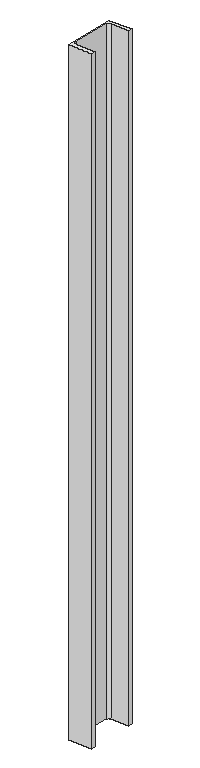
Revit family "GFP-Guia da flange paralela-Coluna", category Pilares estruturais, Revit 2019
Family settings
  Forma do corte = Não definido
  Material para o comportamento do modelo = Aço
  Exportar sempre como geometria = Não
  Redução da viga na planta = Da caixa de vinculação
  Número OmniClass = 23.25.30.11.14.11
  Título OmniClass = Columns
  ID de item do Seek = PFC-Parallel Flange Channel-Column-0000-CAN-ENU
  Corte com vazios quando carregada = Não
  Representação simbólica = Das configurações de projeto
  Compartilhado = Não
  Exibir o pré-corte da família na vista da planta = Sim
Parameters (values of type "200x90x30PFC")
  Zx = 252
  W = 0
  Structural Material [instance] = Aço, 45-345
  Ix = 2523
  Cy = 31.2 mm
  Assembly Code = ""
  M = 30
  b = 90 mm
  h = 200 mm
  r = 12 mm
  t = 14 mm
  s = 7 mm
  A = 4000.00 mm²
Reference planes
  plane 1 "Centro (Frente/Trás)": y = 0
  plane 2: z = 0
  plane 3 "Centro (Esquerda/Direita)": x = 0
  plane 4 "Direita": x = 58.8
  plane 5 "Parte posterior": y = 100
  plane 6 "Parte frontal": y = -100
  plane 7 "Esquerda": x = -31.2
Forms (mm)
  Sweep 1, solid, material "Aço, 45-345" <- "Structural Material", detail levels fine
    path origin (0, 0, 0) x (1, 0, 0) y (0, 0, 1)
      loop
        line (0, 2500) -> (0, 0)
    profile "M_Guia paralela-Perfil-Alto : M_Guia paralela-Perfil-Alto" origin (0, 0, 1250) x (1, 0, 0) y (0, -1, 0)
      loop
        line (-31.2, -100) -> (58.8, -100) -> (58.8, -86) -> (-12.2, -86)
        arc (-12.2, -86) -> (-20.685, -82.485) -> (-24.2, -74) r 12
        line (-24.2, -74) -> (-24.2, 74)
        arc (-24.2, 74) -> (-20.685, 82.485) -> (-12.2, 86) r 12
        line (-12.2, 86) -> (58.8, 86) -> (58.8, 100) -> (-31.2, 100) -> (-31.2, -100)
  Sweep 2, solid, material "Aço, 45-345" <- "Structural Material", detail levels medium
    path origin (0, 0, 0) x (1, 0, 0) y (0, 0, 1)
      loop
        line (0, 2500) -> (0, 0)
    profile "M_Guia paralela-Perfil-Médio : M_Guia paralela-Perfil-Médio" origin (0, 0, 1250) x (1, 0, 0) y (0, -1, 0)
      loop
        line (-31.2, -100) -> (58.8, -100) -> (58.8, -86) -> (-24.2, -86) -> (-24.2, 86) -> (58.8, 86) -> (58.8, 100) -> (-31.2, 100) -> (-31.2, -100)
Lines and regions (mm)
  symbolic lines, style "Faces ocultas", detail levels medium+fine
    curve 1: line (-24.2, 0, 2500) -> (-24.2, 0, 0)
  symbolic lines, style "StructuralColumnStickSymbols", detail levels coarse
    curve 2: line (-31.2, 100, 0) -> (-31.2, -100, 0)
    curve 3: line (-31.2, 100, 0) -> (58.8, 100, 0)
    curve 4: line (-31.2, -100, 0) -> (58.8, -100, 0)
Dimensions and locks
  equal spacing: plane 6 "Parte frontal", plane 1 "Centro (Frente/Trás)", plane 5 "Parte posterior"
  "h": plane 6 "Parte frontal" to plane 5 "Parte posterior"
  "Cy": plane 7 "Esquerda" to plane 3 "Centro (Esquerda/Direita)"
  "b": plane 7 "Esquerda" to plane 4 "Direita"
  aligned and locked: level to plane 2
  aligned and locked: Sweep 2 sketch curve to plane 3 "Centro (Esquerda/Direita)"
  aligned and locked: level to Sweep 2 sketch curve  (x2)
  aligned and locked: Sweep 1 sketch curve to plane 3 "Centro (Esquerda/Direita)"
  aligned and locked: level to Sweep 1 sketch curve  (x2)
  aligned and locked: plane 4 "Direita" to curve 3
  aligned and locked: plane 4 "Direita" to curve 4
  aligned and locked: plane 5 "Parte posterior" to curve 3
  aligned and locked: plane 6 "Parte frontal" to curve 4
  aligned and locked: curve 2 to plane 7 "Esquerda"
  aligned and locked: curve 1 to Sweep 2
  aligned and locked: level to curve 1  (x2)
Types in the file's own list only (15): name | Zx | Ix | Cy | M | b | h | r | t | s | A
  430x100x64PFC | 1020 | 21940 | 26 mm | 64 | 100 mm | 430 mm | 15 mm | 19 mm | 11 mm | 8210.00 mm²
  380x100x54PFC | 791 | 15030 | 28 mm | 54 | 100 mm | 380 mm | 15 mm | 18 mm | 10 mm | 6870.00 mm²
  300x100x46PFC | 549 | 8229 | 31 mm | 46 | 100 mm | 300 mm | 15 mm | 17 mm | 9 mm | 5800.00 mm²
  300x90x41PFC | 481 | 7218 | 26 mm | 41 | 90 mm | 300 mm | 12 mm | 16 mm | 9 mm | 5270.00 mm²
  260x90x35PFC | 364 | 4728 | 27 mm | 35 | 90 mm | 260 mm | 12 mm | 14 mm | 8 mm | 4440.00 mm²
  260x75x28PFC | 278 | 3619 | 21 mm | 28 | 75 mm | 260 mm | 12 mm | 12 mm | 7 mm | 3510.00 mm²
  230x90x32PFC | 306 | 3518 | 29 mm | 32 | 90 mm | 230 mm | 12 mm | 14 mm | 8 mm | 4100.00 mm²
  230x75x26PFC | 239 | 2748 | 23 mm | 26 | 75 mm | 230 mm | 12 mm | 13 mm | 7 mm | 3270.00 mm²
  200x75x23PFC | 196 | 1963 | 25 mm | 23 | 75 mm | 200 mm | 12 mm | 13 mm | 6 mm | 2990.00 mm²
  180x90x26PFC | 202 | 1817 | 32 mm | 26 | 90 mm | 180 mm | 12 mm | 13 mm | 7 mm | 3320.00 mm²
  180x75x20PFC | 152 | 1370 | 24 mm | 20 | 75 mm | 180 mm | 12 mm | 11 mm | 6 mm | 2590.00 mm²
  150x90x24PFC | 155 | 1162 | 33 mm | 24 | 90 mm | 150 mm | 12 mm | 12 mm | 7 mm | 3040.00 mm²
  150x75x18PFC | 115 | 861 | 26 mm | 18 | 75 mm | 150 mm | 12 mm | 10 mm | 6 mm | 2280.00 mm²
  125x65x15PFC | 77.3 | 483 | 23 mm | 15 | 65 mm | 125 mm | 12 mm | 10 mm | 6 mm | 1880.00 mm²
  100x50x10PFC | 41.5 | 208 | 17 mm | 10 | 50 mm | 100 mm | 9 mm | 9 mm | 5 mm | 1300.00 mm²
